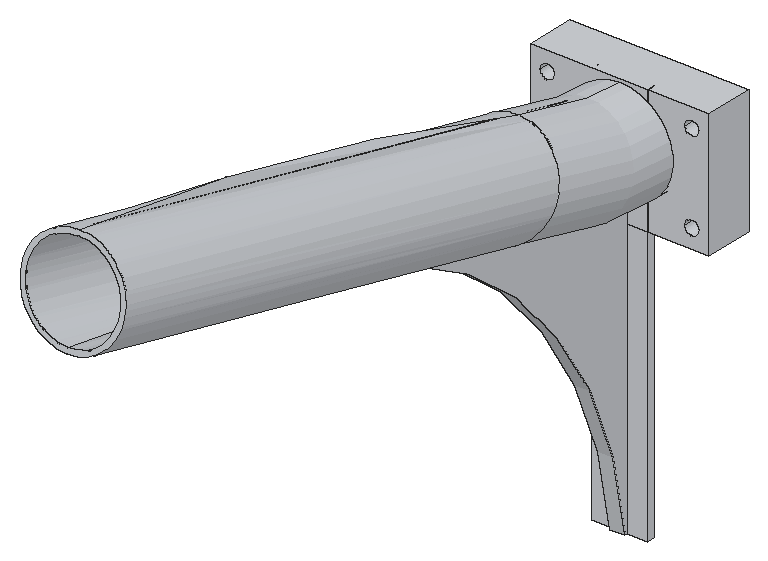
Revit family "Lighting-Stradale-GEWISS-STREET[O3]-STAFFA_CORTA", category Apparecchi per illuminazione, Revit 2019
Family settings
  Quota connettore circolare = Usa diametro
  Tipo di parte = Normale
  Numero OmniClass = 23.80.00.00
  Titolo OmniClass = Electric Power and Lighting
  Basato su piano di lavoro = Sì
  Sempre verticale = Sì
  Taglio con vuoti quando caricato = No
  Sorgente d'illuminazione = No
  Condiviso = No
  Punto di calcolo locali = No
Parameters (values of type "GW87587 - Acciaio zincato - Grigio grafite - 0,5m")
  Versione file RFA = "20.11"
  URL = "https://www.gewiss.com/it/it"
  Tubolare = none
  Supporti = none
  Scheda Tecnica = "https://www.gewiss.com/it/it/search?q=GW87587"
  SIMBOLO [instance] = yes
  SEO = "Staffa"
  Default Elevation = 1219.2 mm
  Produttore = "GEWISS S.p.A."
  Peso (kg): = "3,5"
  Peso (kg) = "3,5"
  Modello = "GW87587"
  Materiale = "Acciaio zincato"
  Lunghezza = "0,5 m"
  L_staffa = 120 mm
  Immagine tipo = GW87587.jpg
  IFC.TypeObject = ""
  IFC.ExportType = ""
  IFC.ExportAs = ""
  IDT = "3c9dcac4-61cc-486f-84a6-ab5b90133705"
  IDF = "5d71c9e0-c6fc-4576-9acd-83408b5b6280"
  Descrizione: = "Staffa corta"
  Descrizione = "STREET STAFFA CORTA 0,5m GRIGIO GRAFITE"
  Creato da GEWISS S.p.A. = ""
  Colore = "Grigio grafite"
  Codice Electrocod = "240"
  Codice EAN = "8011564783065"
  Catalogo Serie = "STREET [O3]"
  Catalogo = "LIGHTING"
  COBie.Tagnumber = ""
  COBie.CreatedOn = ""
  COBie.CreatebBy = ""
  COBie.ComponentRegisterItemID = ""
  COBie.Component.TagNumber = ""
  COBie.Component.Space = ""
  COBie.Component.SerialNumber = ""
  COBie.Component.InstallationDate = ""
  COBie.Component.Description = ""
  COBie.Component.BarCode = ""
  BIDIMENSIONALE [instance] = not(SIMBOLO)  # no
  Altezza da terra testa staffa = 272.319 mm
Reference planes
  plane 1 "Centro (Fronte/Retro)": y = 0
  plane 2: z = 0
  plane 3 "Centro (Sinistra/Destra)": x = 0
  plane 4: z = 229.619
  plane 5: z = 272.319
  plane 6: z = 186.919
  plane 7: x = -60
  plane 8: x = 60
  plane 9: y = 33
  plane 10: z = 0
  plane 11: x = -5
  plane 12: x = 5
  plane 13: x = -18.616
  plane 14: x = 18.616
  plane 15: z = 259.619
  plane 16: z = 199.619
  plane 17: z = 0
Forms (mm)
  Extrusion 1, solid, material <- "Supporti"
    sketch origin (0, 0, -549.619) x (1, 0, 0) y (0, 0, -1)
      loop
        line (-60, -821.938) -> (60, -821.938) -> (60, -736.538) -> (-60, -736.538) -> (-60, -821.938)
      loop
        circle (-48.625, -809.238) r 4.92
      loop
        circle (48.625, -809.238) r 4.92
      loop
        circle (-48.625, -749.238) r 4.92
      loop
        circle (48.625, -749.238) r 4.92
    from 0 to -33
  Sweep 2, solid, material <- "Tubolare"
    path origin (0, 0, -549.619) x (0, -1, 0) y (0, 0, 1)
      loop
        arc (492.337, 895.447) -> (309.081, 858.344) -> (130.083, 804.314) r 2003
        arc (130.083, 804.314) -> (65.992, 787.519) -> (0, 781.616) r 397
    profile origin (0, -309.081, 308.725) x (0, 0.243968, 0.969783) y (1, 0, 0)
      loop
        circle (0, 0) r 35.5
      loop
        circle (0, 0) r 32
  Extrusion 3, solid, material <- "Supporti"
    sketch origin (0, 0, -549.619) x (0, -1, 0) y (0, 0, -1)
      loop
        arc (33, -747.724) -> (88.592, -755.908) -> (142.667, -771.181) r 435.5
        arc (142.667, -771.181) -> (177.366, -783.086) -> (212.282, -794.341) r 1964.5
        line (212.282, -794.341) -> (213.979, -790.415)
        arc (213.979, -790.415) -> (92.225, -693.998) -> (35, -549.619) r 300
        line (35, -549.619) -> (33, -549.619) -> (33, -747.724)
    from -5 to 5
  Extrusion 4, solid, material <- "Supporti"
    sketch origin (0, 0, -549.619) x (0, -1, 0) y (0, 0, -1)
      loop
        line (33, -821.938) -> (33, -549.619) -> (28, -549.619) -> (28, -821.938) -> (33, -821.938)
    from -18.616 to 18.616
Lines and regions (mm)
  Masking region 1, visible <- "BIDIMENSIONALE"
    outline origin (0, -33, 0) x (1, 0, 0) y (0, 1, 0)
      loop
        line (60, 0) -> (60, 33) -> (-60, 33) -> (-60, 0) -> (60, 0)
  Masking region 2, visible <- "BIDIMENSIONALE"
    outline origin (0.059, 0, 0) x (-1, 0, 0) y (0, -1, 0)
      loop
        spline (35.5, 492.337) -> (35.196, 493.043) -> (34.29, 493.738) -> (32.798, 494.408) -> (30.744, 495.043) -> (28.164, 495.632) -> (25.102, 496.164) -> (21.611, 496.631) -> (17.75, 497.025) -> (13.585, 497.338) -> (9.188, 497.565) -> (4.634, 497.704) -> (0, 497.75)
        spline (0, 497.75) -> (-4.634, 497.704) -> (-9.188, 497.565) -> (-13.585, 497.338) -> (-17.75, 497.025) -> (-21.611, 496.631) -> (-25.102, 496.164) -> (-28.164, 495.632) -> (-30.744, 495.043) -> (-32.798, 494.408) -> (-34.29, 493.738) -> (-35.196, 493.043) -> (-35.5, 492.337)
        line (-35.5, 492.337) -> (-35.5, 33) -> (35.5, 33) -> (35.5, 492.337)
  Masking region 3
    outline origin (0, 0, 0) x (1, 0, 0) y (0, 0, 1)
      loop
        line (-60, 272.319) -> (-60, 186.919) -> (60, 186.919) -> (60, 272.319) -> (-60, 272.319)
      loop
        circle (-48.625, 259.619) r 4.92
      loop
        circle (48.625, 259.619) r 4.92
      loop
        circle (48.625, 199.619) r 4.92
      loop
        circle (-48.625, 199.619) r 4.92
  Masking region 4
    outline origin (0, 0, 0) x (1, 0, 0) y (0, 0, 1)
      loop
        line (-18.616, 0) -> (18.616, 0) -> (18.616, 186.919) -> (-18.616, 186.919) -> (-18.616, 0)
      loop
        line (-35.5, 345.828) -> (-35.5, 231.997)
        spline (-35.5, 231.997) -> (-35.196, 227.364) -> (-34.29, 222.809) -> (-32.798, 218.412) -> (-30.744, 214.248) -> (-28.164, 210.387) -> (-25.102, 206.895) -> (-21.611, 203.834) -> (-17.75, 201.254) -> (-13.585, 199.2) -> (-9.188, 197.707) -> (-4.634, 196.802) -> (0, 196.498)
        spline (0, 196.498) -> (4.634, 196.802) -> (9.188, 197.707) -> (13.585, 199.2) -> (17.75, 201.254) -> (21.611, 203.834) -> (25.102, 206.895) -> (28.164, 210.387) -> (30.744, 214.248) -> (32.798, 218.412) -> (34.29, 222.809) -> (35.196, 227.364) -> (35.5, 231.997)
        line (35.5, 231.997) -> (35.5, 345.828)
        spline (35.5, 345.828) -> (35.196, 350.407) -> (34.29, 354.908) -> (32.798, 359.254) -> (30.744, 363.37) -> (28.164, 367.186) -> (25.102, 370.637) -> (21.611, 373.663) -> (17.75, 376.212) -> (13.585, 378.242) -> (9.188, 379.717) -> (4.634, 380.613) -> (0, 380.913)
        spline (0, 380.913) -> (-4.634, 380.613) -> (-9.188, 379.717) -> (-13.585, 378.242) -> (-17.75, 376.212) -> (-21.611, 373.663) -> (-25.102, 370.637) -> (-28.164, 367.186) -> (-30.744, 363.37) -> (-32.798, 359.254) -> (-34.29, 354.908) -> (-35.196, 350.407) -> (-35.5, 345.828)
  Masking region 5
    outline origin (0, 0, -549.619) x (0, -1, 0) y (0, 0, 1)
      loop
        arc (486.924, 930.532) -> (363.619, 906.959) -> (241.886, 876.284) r 2166.689
        arc (241.886, 876.284) -> (137.999, 844.76) -> (33, 817.163) r 2886.698
        line (33, 817.163) -> (33, 821.938) -> (0, 821.938) -> (0, 736.538) -> (28, 736.538) -> (28, 549.619) -> (35, 549.619)
        arc (35, 549.619) -> (92.225, 693.998) -> (213.979, 790.415) r 300
        line (213.979, 790.415) -> (212.282, 794.341)
        arc (212.282, 794.341) -> (353.712, 832.991) -> (497.75, 860.362) r 1856.629
        line (497.75, 860.362) -> (486.924, 930.532)
Dimensions and locks
  equal spacing: plane 5, plane 4, plane 6
  locked: plane 5 to plane 6 at 85.4
  equal spacing: plane 7, plane 3 "Centro (Sinistra/Destra)", plane 8
  "L_staffa": plane 7 to plane 8
  "Altezza da terra testa staffa": plane 5 to level
  plane 1 "Centro (Fronte/Retro)" to plane 9 = 33 mm
  locked: plane 5 to plane 10 at 272.319
  equal spacing: plane 12, plane 3 "Centro (Sinistra/Destra)", plane 11
  equal spacing: plane 14, plane 3 "Centro (Sinistra/Destra)", plane 13
  Extrusion 1 sketch curve to Extrusion 1 sketch curve = 60 mm
  locked: Extrusion 1 sketch curve to Extrusion 1 sketch curve at 11.375
  aligned and locked: level to plane 2
  aligned and locked: plane 3 "Centro (Sinistra/Destra)" to nested 1
  aligned and locked: nested 1 to plane 9
  aligned and locked: plane 5 to Masking region 3 sketch curve
  aligned and locked: Masking region 3 sketch curve to plane 7
  aligned and locked: Masking region 3 sketch curve to plane 6
  aligned and locked: plane 8 to Masking region 3 sketch curve
  aligned and locked: Extrusion 1 sketch curve to plane 15
  aligned and locked: Extrusion 1 sketch curve to plane 16
  aligned and locked: plane 16 to Extrusion 1 sketch curve
  aligned and locked: plane 17 to Extrusion 3
  aligned and locked: plane 17 to Extrusion 4 sketch curve
Automatic sketch dimensions
  Masking region 1 sketch curve to plane 7 = 0 mm
  Masking region 3 sketch curve to Masking region 3 sketch curve = 0 mm  (x8)
  Masking region 3 sketch curve to plane 7 = 11.375 mm  (x2)
  plane 8 to Masking region 3 sketch curve = 11.375 mm  (x2)
  Masking region 3 sketch curve to plane 6 = 12.7 mm  (x2)
  plane 5 to Masking region 3 sketch curve = 12.7 mm  (x2)
  Masking region 3 sketch curve to Masking region 3 sketch curve = 4.92 mm  (x4)
  Masking region 4 sketch curve to plane 3 "Centro (Sinistra/Destra)" = 0 mm  (x2)
  plane 4 to Masking region 4 sketch curve = 2.378 mm
  Masking region 4 sketch curve to plane 13 = 16.884 mm
  Masking region 4 sketch curve to Masking region 4 sketch curve = 0 mm  (x3)
  Masking region 4 sketch curve to plane 5 = 73.509 mm
  Masking region 4 sketch curve to plane 6 = 9.579 mm
  Masking region 4 sketch curve to Masking region 4 sketch curve = 35.085 mm
  Extrusion 1 sketch curve to plane 6 = 0 mm
  Extrusion 1 sketch curve to plane 7 = 0 mm
  Extrusion 1 sketch curve to plane 8 = 0 mm
  Extrusion 1 sketch curve to plane 5 = 0 mm
  Extrusion 1 sketch curve to plane 7 = 11.375 mm  (x2)
  plane 8 to Extrusion 1 sketch curve = 11.375 mm
  Sweep 2 sketch curve to plane 1 "Centro (Fronte/Retro)" = 0 mm
  plane 1 "Centro (Fronte/Retro)" to Sweep 2 sketch curve = 2.25 mm
  Sweep 2 sketch curve to plane 1 "Centro (Fronte/Retro)" = 797.75 mm
  level to Sweep 2 sketch curve = 1633.751 mm
  plane 5 to Sweep 2 sketch curve = 356.672 mm
  Sweep 2 sketch curve to plane 5 = 17.623 mm
  Sweep 2 sketch curve to plane 1 "Centro (Fronte/Retro)" = 130.083 mm
  Sweep 2 sketch curve to Sweep 2 sketch curve = 0 mm  (x3)
  plane 5 to Sweep 2 sketch curve = 73.509 mm
  Sweep 2 sketch curve to Sweep 2 sketch curve = 362.254 mm
  Sweep 2 sketch curve to plane 3 "Centro (Sinistra/Destra)" = 0 mm
  Sweep 2 sketch curve to profile plane = 0 mm
  Extrusion 3 sketch curve to level = 0 mm
  plane 1 "Centro (Fronte/Retro)" to Extrusion 3 sketch curve = 2.5 mm
  Extrusion 3 sketch curve to plane 1 "Centro (Fronte/Retro)" = 33 mm
  Extrusion 3 sketch curve to Extrusion 3 sketch curve = 2 mm
  Extrusion 3 sketch curve to plane 4 = 15.103 mm
  Extrusion 3 sketch curve to Extrusion 3 sketch curve = 179.282 mm
  Extrusion 3 sketch curve to plane 4 = 11.177 mm
  Extrusion 3 sketch curve to Extrusion 3 sketch curve = 1.697 mm
  level to Extrusion 3 sketch curve = 34.583 mm
  Extrusion 3 sketch curve to plane 1 "Centro (Fronte/Retro)" = 797.5 mm
  level to Extrusion 3 sketch curve = 1630.586 mm
  plane 6 to Extrusion 3 sketch curve = 11.186 mm
  plane 5 to Extrusion 3 sketch curve = 359.836 mm
  plane 4 to Extrusion 3 sketch curve = 8.057 mm
  Extrusion 3 sketch curve to Extrusion 3 sketch curve = 0 mm
  plane 5 to Extrusion 4 sketch curve = 0 mm
  Extrusion 4 sketch curve to plane 1 "Centro (Fronte/Retro)" = 28 mm
  Extrusion 4 sketch curve to Extrusion 4 sketch curve = 5 mm
  Masking region 5 sketch curve to plane 1 "Centro (Fronte/Retro)" = 0 mm
  Masking region 5 sketch curve to level = 0 mm
  plane 6 to Masking region 5 sketch curve = 0 mm
  plane 5 to Masking region 5 sketch curve = 0 mm
  plane 9 to Masking region 5 sketch curve = 615.144 mm
  plane 1 "Centro (Fronte/Retro)" to Masking region 5 sketch curve = 28 mm
  plane 5 to Masking region 5 sketch curve = 4.775 mm
  plane 1 "Centro (Fronte/Retro)" to Masking region 5 sketch curve = 33 mm
  Masking region 5 sketch curve to Masking region 5 sketch curve = 7 mm
  plane 4 to Masking region 5 sketch curve = 15.103 mm
  Masking region 5 sketch curve to Masking region 5 sketch curve = 179.282 mm
  plane 4 to Masking region 5 sketch curve = 11.177 mm
  Masking region 5 sketch curve to Masking region 5 sketch curve = 1.697 mm
  Masking region 5 sketch curve to level = 34.583 mm
  Masking region 5 sketch curve to plane 5 = 108.594 mm
  Masking region 5 sketch curve to Masking region 5 sketch curve = 274.642 mm
  Masking region 5 sketch curve to plane 5 = 38.424 mm
  Masking region 5 sketch curve to Masking region 5 sketch curve = 10.826 mm
  plane 1 "Centro (Fronte/Retro)" to Masking region 5 sketch curve = 772.058 mm
  Masking region 5 sketch curve to Masking region 5 sketch curve = 59.889 mm
  Masking region 5 sketch curve to Masking region 5 sketch curve = 232.619 mm
  Masking region 5 sketch curve to plane 5 = 2800.411 mm
  Masking region 1 sketch curve to plane 8 = 0 mm
  plane 1 "Centro (Fronte/Retro)" to Masking region 1 sketch curve = 33 mm
  Masking region 1 sketch curve to plane 9 = 33 mm
  Masking region 4 sketch curve to plane 6 = 0 mm
  plane 13 to Masking region 4 sketch curve = 0 mm
  Masking region 4 sketch curve to level = 0 mm
  plane 14 to Masking region 4 sketch curve = 0 mm
  plane 3 "Centro (Sinistra/Destra)" to Masking region 2 sketch curve = 0.059 mm
  plane 14 to Masking region 2 sketch curve = 16.943 mm
  Masking region 2 sketch curve to plane 13 = 16.826 mm
  plane 1 "Centro (Fronte/Retro)" to Masking region 2 sketch curve = 33 mm
  Masking region 2 sketch curve to Masking region 2 sketch curve = 459.337 mm
  Masking region 2 sketch curve to Masking region 2 sketch curve = 0 mm
  Masking region 2 sketch curve to Masking region 2 sketch curve = 5.413 mm
  radius of Extrusion 1 sketch curve = 4.92 mm  (x4)
  radius of Sweep 2 sketch curve = 35.5 mm
  radius of Sweep 2 sketch curve = 32 mm
Nested families
  nested 1: "ACCPALO" at (0, 33, 0), visible <- "SIMBOLO", type "ACCPALO"
Definition of nested family "ACCPALO"
  Reference planes
    plane 1 "Centro (Fronte/Retro)": y = 0
    plane 2: z = 0
    plane 3 "Centro (Sinistra/Destra)": x = 0
  Lines and regions (mm)
    detail lines, in view "Livello rif."
      curve 1: spline (-17.247, 26.335, 0) -> (-16.659, 25.345, 0) -> (-14.936, 24.424, 0) -> (-12.195, 23.632, 0) -> (-8.623, 23.025, 0) -> (-4.464, 22.643, 0) -> (0, 22.513, 0) -> (4.464, 22.643, 0) -> (8.623, 23.025, 0) -> (12.195, 23.632, 0) -> (14.936, 24.424, 0) -> (16.659, 25.345, 0) -> (17.247, 26.335, 0) -> (16.659, 27.324, 0) -> (14.936, 28.245, 0) -> (12.195, 29.037, 0) -> (8.623, 29.644, 0) -> (4.464, 30.026, 0) -> (0, 30.156, 0) -> (-4.464, 30.026, 0) -> (-8.623, 29.644, 0) -> (-12.195, 29.037, 0) -> (-14.936, 28.245, 0) -> (-16.659, 27.324, 0) -> (-17.247, 26.335, 0)
      curve 2: spline (-17.266, -26.469, 0) -> (-14.61, -27.838, 0) -> (-11.877, -28.965, 0) -> (-9.078, -29.846, 0) -> (-6.224, -30.478, 0) -> (-3.325, -30.859, 0) -> (-0.393, -30.986, 0) -> (2.562, -30.86, 0) -> (5.527, -30.481, 0) -> (8.491, -29.85, 0) -> (11.443, -28.969, 0) -> (14.372, -27.843, 0) -> (17.266, -26.475, 0)
      curve 3: line (-85.401, -52.093, 0) -> (85.401, -52.093, 0)
      curve 4: line (85.401, -52.093, 0) -> (85.401, 52.093, 0)
      curve 5: line (85.401, 52.093, 0) -> (-85.401, 52.093, 0)
      curve 6: line (-85.401, 52.093, 0) -> (-85.401, -52.093, 0)
      curve 7: line (-17.266, -26.469, 0) -> (-17.266, 26.335, 0)
      curve 8: line (17.266, -26.475, 0) -> (17.266, 26.335, 0)
